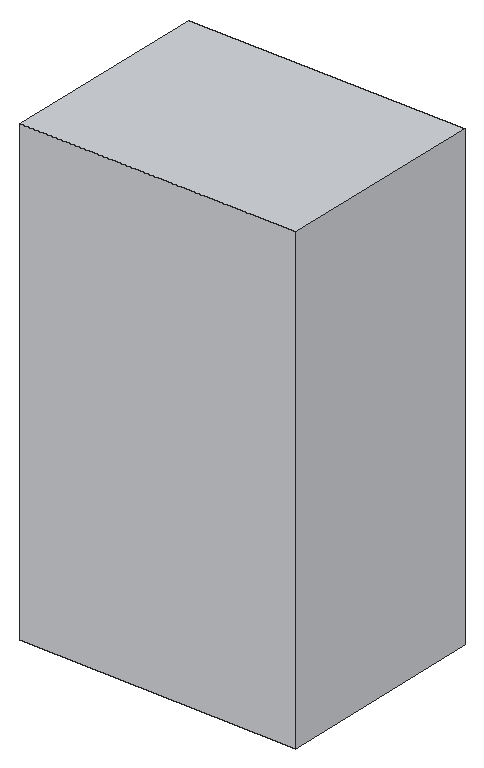
Revit family
Parameters
  Warranty Duration (Years) = 0
  Wall Thickness = 0' - 6"
  Unit Width [instance] = 1' - 6"
  Unit Height [instance] = 0' - 8"
  Unit Depth = 0' - 0 1/4"
  URL = "http://www.americanspecialties.com/viewCategories.cfm"
  Trim Material = Metal - Stainless Steel
  Test Data = ""
  Specification = "http://www.arcat.com/sdspecs/htm/10810asi.htm"
  SpecWizard = ""
  Send Message = "http://www.arcat.com/users.pl?action=UserEmail&company=American%20Specialties,%20Inc.&coid=30448&rep=139&fax=914-476-0688&mf="
  Sales Information = "http://www.americanspecialties.com/contact"
  Revision = "R1_10-2010"
  Product Properties = "http://www.americanspecialties.com/datasheets/130.pdf"
  Product Data = "http://www.arcat.com/arcatcos/cos30/arc30448.html"
  Model = "As Specified in 10 28 13"
  Manufacturer Website = "http://www.americanspecialties.com/viewCategories.cfm"
  Manufacturer Phone - Toll Free = ""
  Manufacturer Phone = "914-476-9000 "
  Manufacturer Fax = "914-476-0688"
  Manufacturer Address = "441 Saw Mill River Rd., Yonkers, NY 10701"
  Manufacturer = "American Specialties, Inc."
  Maintenance Schedule (Months) = 0
  Keynote = "10 28 13"
  Installation-Fabrication = "http://www.americanspecialties.com/products.cfm"
  Green Building-LEED = ""
  Expected Lifespan (Years) = 0
  Drawn By = "Robert S. Weygant. CSI, CDT, SCIP"  # constant formula
  Description = "Toilet Accessory as Specified in 10 28 13"
  Default Elevation = 4' - 0"
  Copyright = "©Arcat Inc."
  Construction Details = "http://www.arcat.com/green/clients/leed_data_30448.html"
  Building Codes = "http://www.americanspecialties.com/products.cfm"
  Body Material = Metal - Stainless Steel
  Assembly Code = "C1030210"
Reference planes (in)
  plane 1 "Center (Front/Back)": y = -0.29112
  plane 2 "Floor Line": z = 0
  plane 3 "Center (Left/Right)": x = -0.65843
Forms (in)
  Extrusion 1, solid
    sketch origin (-3, -9, -6) x (0, 0, -1) y (1, 0, 0)
      loop
        line (-82, 26) -> (-82, -19.34712) -> (-6, -19.34712) -> (-6, 26) -> (-82, 26)
    from 9 to -25.60721
  Extrusion 2, solid, material "Metal - Stainless Steel" <- "Body Material"
    sketch origin (1.34157, -0.94955, 0) x (0, -1, 0) y (0, 0, 1)
      loop
        line (-4.15843, 0) -> (2.84157, 0) -> (2.54079, 0.30078) -> (-3.85765, 0.30078) -> (-4.15843, 0)
    from -7 to 11
  Extrusion 3, void
    sketch origin (0, 0, 0) x (1, 0, 0) y (0, 1, 0)
      loop
        line (-8.65843, 2.20888) -> (-8.65843, -2.79112) -> (7.34157, -2.79112) -> (7.34157, 2.20888) -> (-8.65843, 2.20888)
    from 0.30078 to -5.875
  Extrusion 4, solid, material "Metal - Stainless Steel" <- "Body Material"
    sketch origin (0, 0, 0) x (1, 0, 0) y (0, 1, 0)
      loop
        line (-8.78343, 2.33388) -> (-8.78343, -2.91612) -> (7.46657, -2.91612) -> (7.46657, 2.33388) -> (-8.78343, 2.33388)
    from 0 to -6
  Extrusion 5, void
    sketch origin (0, 0, 0) x (1, 0, 0) y (0, 1, 0)
      loop
        line (-8.78343, 2.33388) -> (-8.78343, -2.91612) -> (7.46657, -2.91612) -> (7.46657, 2.33388) -> (-8.78343, 2.33388)
    from 0 to -6
Cuts and joins
  Extrusion 3 cuts Extrusion 4
  Extrusion 3 cuts Extrusion 2
Dimensions and locks (in)
  locked: Extrusion 3 to Extrusion 4 at 0.125
  "Wall Thickness": plane 2 "Floor Line" to Extrusion 4
  aligned and locked: Extrusion 1 to level
  aligned and locked: Extrusion 2 to Extrusion 3
  aligned and locked: level to Extrusion 4
  aligned and locked: Extrusion 5 to level
  aligned and locked: Extrusion 5 to cut or joined group of Extrusion 3, Extrusion 4
Automatic sketch dimensions
  Extrusion 1 sketch curve to Extrusion 1 sketch curve = 6' - 4"
  Extrusion 1 sketch curve to Extrusion 1 sketch curve = 3' - 9.34712"
  Extrusion 2 sketch curve to level = 0' - 0"
  Extrusion 2 sketch curve to plane 1 "Center (Front/Back)" = 0' - 3 1/2"
  Extrusion 2 sketch curve to Extrusion 2 sketch curve = 0' - 0 77/256"  (x2)
  level to Extrusion 2 sketch curve = 0' - 0 77/256"
  plane 1 "Center (Front/Back)" to Extrusion 2 sketch curve = 0' - 3 51/256"
  plane 1 "Center (Front/Back)" to Extrusion 3 sketch curve = 0' - 2 1/2"
  Extrusion 3 sketch curve to plane 3 "Center (Left/Right)" = 0' - 8"
  plane 3 "Center (Left/Right)" to Extrusion 3 sketch curve = 0' - 8"
  Extrusion 3 sketch curve to plane 1 "Center (Front/Back)" = 0' - 2 1/2"
  plane 1 "Center (Front/Back)" to Extrusion 4 sketch curve = 0' - 2 5/8"
  Extrusion 4 sketch curve to plane 3 "Center (Left/Right)" = 0' - 8 1/8"
  plane 3 "Center (Left/Right)" to Extrusion 4 sketch curve = 0' - 8 1/8"
  Extrusion 4 sketch curve to plane 1 "Center (Front/Back)" = 0' - 2 5/8"
  plane 1 "Center (Front/Back)" to Extrusion 5 sketch curve = 0' - 2 5/8"
  Extrusion 5 sketch curve to plane 3 "Center (Left/Right)" = 0' - 8 1/8"
  plane 3 "Center (Left/Right)" to Extrusion 5 sketch curve = 0' - 8 1/8"
  Extrusion 5 sketch curve to plane 1 "Center (Front/Back)" = 0' - 2 5/8"
